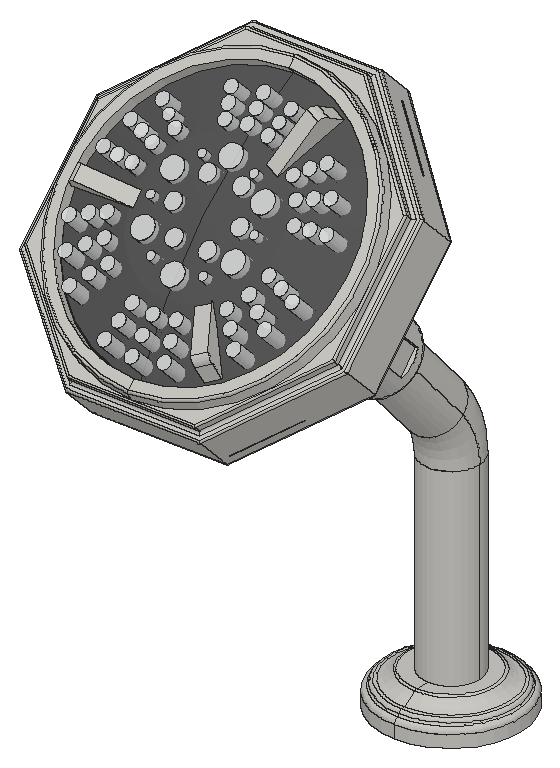
Revit family "Shower-Showerhead_Kit-KALLISTA-For_Town-P21542", category Plumbing Fixtures, host Face, Revit 2022 (continued)
Definition of nested family "P21542"
  Lines and regions (in)
    symbolic lines, detail levels medium+fine
      curve 332: spline (1.3872371, 0, 8.0110136) -> (1.3627818, 0, 8.008737) -> (1.339993, 0, 8.0020623) -> (1.3204239, 0, 7.9914444) -> (1.3054079, 0, 7.977607) -> (1.2959685, 0, 7.9614929) -> (1.2927489, 0, 7.9442003) -> (1.2959685, 0, 7.9269078) -> (1.3054079, 0, 7.9107937) -> (1.3204239, 0, 7.8969562) -> (1.339993, 0, 7.8863384) -> (1.3627818, 0, 7.8796637) -> (1.3872371, 0, 7.8773871)
      curve 333: spline (1.2399872, 0, 7.6307722) -> (1.2644425, 0, 7.6330488) -> (1.2872312, 0, 7.6397235) -> (1.3068004, 0, 7.6503414) -> (1.3218163, 0, 7.6641788) -> (1.3312557, 0, 7.6802929) -> (1.3344753, 0, 7.6975854) -> (1.3312557, 0, 7.714878) -> (1.3218163, 0, 7.7309921) -> (1.3068004, 0, 7.7448295) -> (1.2872312, 0, 7.7554474) -> (1.2644425, 0, 7.7621221) -> (1.2399872, 0, 7.7643987)
      curve 334: spline (1.2399872, 0, 7.7643987) -> (1.2155318, 0, 7.7621221) -> (1.1927431, 0, 7.7554474) -> (1.1731739, 0, 7.7448295) -> (1.158158, 0, 7.7309921) -> (1.1487186, 0, 7.714878) -> (1.145499, 0, 7.6975854) -> (1.1487186, 0, 7.6802929) -> (1.158158, 0, 7.6641788) -> (1.1731739, 0, 7.6503414) -> (1.1927431, 0, 7.6397235) -> (1.2155318, 0, 7.6330488) -> (1.2399872, 0, 7.6307722)
      curve 335: spline (1.6017146, 0, 7.8087193) -> (1.62617, 0, 7.8109959) -> (1.6489587, 0, 7.8176705) -> (1.6685279, 0, 7.8282884) -> (1.6835438, 0, 7.8421259) -> (1.6929832, 0, 7.85824) -> (1.6962028, 0, 7.8755325) -> (1.6929832, 0, 7.8928251) -> (1.6835438, 0, 7.9089391) -> (1.6685279, 0, 7.9227766) -> (1.6489587, 0, 7.9333945) -> (1.62617, 0, 7.9400691) -> (1.6017146, 0, 7.9423458)
      curve 336: spline (1.6017146, 0, 7.9423458) -> (1.5772593, 0, 7.9400691) -> (1.5544705, 0, 7.9333945) -> (1.5349014, 0, 7.9227766) -> (1.5198854, 0, 7.9089391) -> (1.510446, 0, 7.8928251) -> (1.5072264, 0, 7.8755325) -> (1.510446, 0, 7.85824) -> (1.5198854, 0, 7.8421259) -> (1.5349014, 0, 7.8282884) -> (1.5544705, 0, 7.8176705) -> (1.5772593, 0, 7.8109959) -> (1.6017146, 0, 7.8087193)
      curve 337: spline (1.4352908, 0, 7.5202993) -> (1.4597462, 0, 7.5225759) -> (1.4825349, 0, 7.5292506) -> (1.5021041, 0, 7.5398684) -> (1.51712, 0, 7.5537059) -> (1.5265594, 0, 7.56982) -> (1.529779, 0, 7.5871125) -> (1.5265594, 0, 7.6044051) -> (1.51712, 0, 7.6205192) -> (1.5021041, 0, 7.6343566) -> (1.4825349, 0, 7.6449745) -> (1.4597462, 0, 7.6516492) -> (1.4352908, 0, 7.6539258)
      curve 338: spline (1.4352908, 0, 7.6539258) -> (1.4108355, 0, 7.6516492) -> (1.3880467, 0, 7.6449745) -> (1.3684776, 0, 7.6343566) -> (1.3534617, 0, 7.6205192) -> (1.3440223, 0, 7.6044051) -> (1.3408027, 0, 7.5871125) -> (1.3440223, 0, 7.56982) -> (1.3534617, 0, 7.5537059) -> (1.3684776, 0, 7.5398684) -> (1.3880467, 0, 7.5292506) -> (1.4108355, 0, 7.5225759) -> (1.4352908, 0, 7.5202993)
      curve 339: spline (1.1822249, 0, 7.2809424) -> (1.2066802, 0, 7.283219) -> (1.2294689, 0, 7.2898937) -> (1.2490381, 0, 7.3005116) -> (1.264054, 0, 7.314349) -> (1.2734934, 0, 7.3304631) -> (1.276713, 0, 7.3477557) -> (1.2734934, 0, 7.3650482) -> (1.264054, 0, 7.3811623) -> (1.2490381, 0, 7.3949997) -> (1.2294689, 0, 7.4056176) -> (1.2066802, 0, 7.4122923) -> (1.1822249, 0, 7.4145689)
      curve 340: spline (1.1822249, 0, 7.4145689) -> (1.1577695, 0, 7.4122923) -> (1.1349808, 0, 7.4056176) -> (1.1154116, 0, 7.3949997) -> (1.1003957, 0, 7.3811623) -> (1.0909563, 0, 7.3650482) -> (1.0877367, 0, 7.3477557) -> (1.0909563, 0, 7.3304631) -> (1.1003957, 0, 7.314349) -> (1.1154116, 0, 7.3005116) -> (1.1349808, 0, 7.2898937) -> (1.1577695, 0, 7.283219) -> (1.1822249, 0, 7.2809424)
      curve 341: spline (0.010034, 0, 9.1557255) -> (0.0347692, 0, 9.1580555) -> (0.0577793, 0, 9.1648829) -> (0.0774594, 0, 9.1757315) -> (0.0924368, 0, 9.1898448) -> (0.101667, 0, 9.2062383) -> (0.1045061, 0, 9.2237687) -> (0.1007562, 0, 9.2412134) -> (0.0906789, 0, 9.2573555) -> (0.0749768, 0, 9.2710693) -> (0.0547453, 0, 9.2813984) -> (0.0313954, 0, 9.2876222) -> (0.0065556, 0, 9.2893067)
      curve 342: spline (0.010034, 0, 9.289352) -> (-0.0144214, 0, 9.2870754) -> (-0.0372101, 0, 9.2804007) -> (-0.0567793, 0, 9.2697828) -> (-0.0717952, 0, 9.2559453) -> (-0.0812346, 0, 9.2398313) -> (-0.0844542, 0, 9.2225387) -> (-0.0812346, 0, 9.2052462) -> (-0.0717952, 0, 9.1891321) -> (-0.0567793, 0, 9.1752946) -> (-0.0372101, 0, 9.1646768) -> (-0.0144214, 0, 9.1580021) -> (0.010034, 0, 9.1557255)
      curve 343: spline (-0.3559674, 0, 9.1154748) -> (-0.331512, 0, 9.1177514) -> (-0.3087233, 0, 9.1244261) -> (-0.2891541, 0, 9.135044) -> (-0.2741382, 0, 9.1488815) -> (-0.2646988, 0, 9.1649955) -> (-0.2614792, 0, 9.1822881) -> (-0.2646988, 0, 9.1995806) -> (-0.2741382, 0, 9.2156947) -> (-0.2891541, 0, 9.2295322) -> (-0.3087233, 0, 9.24015) -> (-0.331512, 0, 9.2468247) -> (-0.3559674, 0, 9.2491013)
      curve 344: spline (-0.3559674, 0, 9.2491013) -> (-0.3804227, 0, 9.2468247) -> (-0.4032114, 0, 9.24015) -> (-0.4227806, 0, 9.2295322) -> (-0.4377965, 0, 9.2156947) -> (-0.4472359, 0, 9.1995806) -> (-0.4504555, 0, 9.1822881) -> (-0.4472359, 0, 9.1649955) -> (-0.4377965, 0, 9.1488815) -> (-0.4227806, 0, 9.135044) -> (-0.4032114, 0, 9.1244261) -> (-0.3804227, 0, 9.1177514) -> (-0.3559674, 0, 9.1154748)
      curve 345: spline (0, 0, 6.3948059) -> (0.5995987, 0, 6.4542058) -> (1.1530274, 0, 6.6278317) -> (1.6176714, 0, 6.9023141) -> (1.9577524, 0, 7.2565176) -> (2.1470837, 0, 7.6631679) -> (2.1710865, 0, 8.0909523) -> (2.0279127, 0, 8.506931) -> (1.7285867, 0, 8.8790729) -> (1.2961571, 0, 9.1787226) -> (0.7639215, 0, 9.3828067) -> (0.172863, 0, 9.4756103) -> (-0.4315063, 0, 9.4499875)
      curve 346: spline (0, 0, 9.4804599) -> (-0.5647139, 0, 9.4278894) -> (-1.0909435, 0, 9.2737603) -> (-1.542827, 0, 9.0285764) -> (-1.8895695, 0, 8.7090464) -> (-2.1075409, 0, 8.3369459) -> (-2.1818869, 0, 7.9376329) -> (-2.1075409, 0, 7.5383199) -> (-1.8895695, 0, 7.1662194) -> (-1.542827, 0, 6.8466894) -> (-1.0909435, 0, 6.6015055) -> (-0.5647139, 0, 6.4473764) -> (0, 0, 6.3948059)
      curve 347: line (-1.0088583, 0, 6.3824793) -> (0.9994186, 0, 6.3824793)
      curve 348: line (-2.2327075, 0, 8.6069981) -> (-2.2327075, 0, 7.2752928)
      curve 349: line (2.1803833, 0, 8.6548248) -> (2.1803833, 0, 6.9331721)
      curve 350: line (0.9994186, 0, 6.3824793) -> (2.1803833, 0, 6.9331721)
      curve 351: line (-0.9493377, 0, 6.14262) -> (0.969642, 0, 6.14262)
      curve 352: line (2.2221783, 0, 6.7963988) -> (2.2221783, 0, 8.6255596)
      curve 353: line (-0.9493377, 0, 6.14262) -> (-2.355549, 0, 6.9517935)
      curve 354: line (-2.2327075, 0, 7.2752928) -> (-1.0088583, 0, 6.3824793)
      curve 355: arc (-1.7452949, 0, 8.9516509) -> (-2.0998368, 0, 8.4924035) -> (-2.2327075, 0, 7.9276438) r 1.3711037
      curve 356: arc (-1.1473232, 0, 9.3489932) -> (-0.7958198, 0, 9.4720873) -> (-0.4335307, 0, 9.5584206) r 3.6205985
      curve 357: arc (0.4335307, 0, 9.5584206) -> (0.7752621, 0, 9.4800951) -> (1.1053752, 0, 9.3620249) r 2.9683894
      curve 358: arc (1.7043093, 0, 8.9881754) -> (1.9999051, 0, 8.6625549) -> (2.1803833, 0, 8.2615148) r 1.4053258
      curve 359: line (0.969642, 0, 6.14262) -> (0.969642, 0, 5.7168892)
      curve 360: line (0.969642, 0, 6.14262) -> (2.2221783, 0, 6.7963988)
      curve 361: line (-0.9493377, 0, 5.7169532) -> (-0.9493377, 0, 6.14262)
      curve 362: line (1.027001, 0, 6.3519011) -> (-1.0337444, 0, 6.3519011)
      curve 363: line (-1.0337444, 0, 6.3519011) -> (-2.2720776, 0, 7.2552808)
      curve 364: line (1.027001, 0, 6.3519011) -> (1.0160571, 0, 6.3467979)
      curve 365: line (-2.2720776, 0, 7.2552808) -> (-2.2720776, 0, 8.5791592)
      curve 366: line (2.2068643, 0, 6.9020804) -> (2.2068643, 0, 8.6362826)
      curve 367: line (1.027001, 0, 6.3519011) -> (2.2036811, 0, 6.900596)
      curve 368: arc (-0.4660729, 0, 5.7169532) -> (0.0003606, 0, 5.5965959) -> (0.4667941, 0, 5.7169532) r 0.9639887
      curve 369: arc (-0.5000728, 0, 5.4762546) -> (0, 0, 5.3467956) -> (0.5000728, 0, 5.4762546) r 1.0305675
      curve 370: arc (-0.5000728, 0, 5.2935169) -> (0, 0, 5.1045488) -> (0.5000728, 0, 5.2935169) r 0.756164
      curve 371: arc (-0.4096379, 0, 4.8122757) -> (0.0158306, 0, 4.7396324) -> (0.4363783, 0, 4.8367923) r 1.0966955
      curve 372: spline (0, 0, 6.5401878) -> (-0.3520239, 0, 6.5618296) -> (-0.6934835, 0, 6.6261056) -> (-1.0141319, 0, 6.731087) -> (-1.3043464, 0, 6.8736231) -> (-1.5554176, 0, 7.0494366) -> (-1.7598111, 0, 7.2532512) -> (-1.911393, 0, 7.4789507) -> (-2.0056143, 0, 7.7197617) -> (-2.0396475, 0, 7.9684575) -> (-2.0124713, 0, 8.2175749) -> (-1.9249011, 0, 8.459638) -> (-1.7795651, 0, 8.6873823)
      curve 373: spline (0, 0, 6.5401878) -> (0.3520239, 0, 6.5618296) -> (0.6934835, 0, 6.6261056) -> (1.0141319, 0, 6.731087) -> (1.3043464, 0, 6.8736231) -> (1.5554176, 0, 7.0494366) -> (1.7598111, 0, 7.2532512) -> (1.911393, 0, 7.4789507) -> (2.0056143, 0, 7.7197617) -> (2.0396475, 0, 7.9684575) -> (2.0124713, 0, 8.2175749) -> (1.9249011, 0, 8.459638) -> (1.7795651, 0, 8.6873823)
      curve 374: line (0, -0.9474694, 5.3337447) -> (0, -1.5219708, 4.7592433)
      curve 375: arc (0, -1.8943201, 5.4154467) -> (0, -1.8652855, 5.6648006) -> (0, -1.6159316, 5.6938352) r 0.2022616
      curve 376: line (0, -1.2251852, 5.3030888) -> (0, -1.6159316, 5.6938352)
      curve 377: line (0, -1.8943201, 5.4154467) -> (0, -1.5035737, 5.0247003)
      curve 378: line (0, -1.5035737, 5.0247003) -> (0, -1.2251852, 5.3030888)
      curve 379: line (0, -2.5670384, 5.3561089) -> (0, -1.5610019, 6.3621455)
      curve 380: line (0, -1.6159316, 5.6938352) -> (0, -1.3759188, 5.933848)
      curve 381: line (0, -1.8943201, 5.4154467) -> (0, -2.1397551, 5.1700117)
      curve 382: line (0, -1.7773632, 6.5974839) -> (0, -2.78571, 5.5891371)
      curve 383: line (0, -1.8093515, 6.6294722) -> (0, -2.8176984, 5.6211254)
      curve 384: line (0, -2.8755415, 8.1486868) -> (0, -3.3269611, 8.6001065)
      curve 385: line (0, -4.3476661, 6.6765622) -> (0, -3.0012765, 8.0229518)
      curve 386: line (0, -5.7262387, 6.200829) -> (0, -2.3890337, 9.5380339)
      curve 387: line (0, -4.7990858, 7.1279818) -> (0, -4.3476661, 6.6765622)
      curve 388: spline (0, -2.6847809, 7.068728) -> (0, -2.7237663, 7.1507813) -> (0, -2.7588701, 7.2312397) -> (0, -2.7900162, 7.3099288) -> (0, -2.8171371, 7.3866782) -> (0, -2.840174, 7.4613216) -> (0, -2.8590772, 7.5336972) -> (0, -2.8738055, 7.6036483) -> (0, -2.8843271, 7.6710234) -> (0, -2.8906193, 7.7356763) -> (0, -2.8926683, 7.7974672) -> (0, -2.8904698, 7.8562621) -> (0, -2.8840285, 7.9119336)
      curve 389: spline (0, -2.1385893, 6.3002345) -> (0, -2.1962341, 6.3634873) -> (0, -2.2521569, 6.4274938) -> (0, -2.3061991, 6.4920726) -> (0, -2.3582077, 6.5570408) -> (0, -2.4080354, 6.6222143) -> (0, -2.4555409, 6.6874085) -> (0, -2.5005898, 6.7524387) -> (0, -2.5430544, 6.8171207) -> (0, -2.5828144, 6.8812713) -> (0, -2.6197573, 6.9447088) -> (0, -2.6537782, 7.0072534) -> (0, -2.6847809, 7.068728)
      curve 390: spline (0, -3.3469873, 6.4319974) -> (0, -3.2838663, 6.4018589) -> (0, -3.2195726, 6.3684871) -> (0, -3.1542989, 6.3319818) -> (0, -3.0882409, 6.2924526) -> (0, -3.0215966, 6.2500179) -> (0, -2.9545658, 6.204805) -> (0, -2.8873493, 6.1569493) -> (0, -2.8201488, 6.1065943) -> (0, -2.7531655, 6.053891) -> (0, -2.6866004, 5.9989973) -> (0, -2.6206529, 5.9420778) -> (0, -2.5555207, 5.8833031)
      curve 391: spline (0, -4.187658, 6.6083041) -> (0, -4.1326812, 6.6151235) -> (0, -4.0745146, 6.6179901) -> (0, -4.0132794, 6.6168979) -> (0, -3.949103, 6.6118493) -> (0, -3.8821189, 6.6028546) -> (0, -3.8124665, 6.5899326) -> (0, -3.7402909, 6.5731102) -> (0, -3.6657423, 6.5524224) -> (0, -3.5889757, 6.5279123) -> (0, -3.510151, 6.4996309) -> (0, -3.4294322, 6.4676371) -> (0, -3.3469873, 6.4319974)
      curve 392: line (0, -3.0012765, 8.0229518) -> (0, -1.9364337, 9.0877946)
      curve 393: line (0, -4.3476661, 6.6765622) -> (0, -5.3094869, 5.784022)
      curve 394: line (0, -5.1408819, 5.768428) -> (0, -1.9560838, 8.9532262)
      curve 395: line (0, 0.9273017, 0.2798466) -> (0, -0.9273017, 0.2798466)
      curve 396: line (0, 0.8854381, 0.3251746) -> (0, -0.8854381, 0.3251746)
      curve 397: line (0, 0.4097407, 0.4702824) -> (0, -0.4084188, 0.4702824)
      curve 398: line (0, 0.6436121, 0.4593526) -> (0, -0.6436121, 0.4593526)
      curve 399: line (0, 0.9715591, 0.2471649) -> (0, -0.9715591, 0.2471649)
      curve 400: line (0, -2.5265511, 9.5016089) -> (0, -5.689835, 6.3383249)
      curve 401: line (0, -2.6655158, 9.5131554) -> (0, -5.7488578, 6.4298134)
      curve 402: line (0, -5.5008436, 6.9043769) -> (0, -2.9953471, 9.4098733)
      curve 403: line (0, -3.4935039, 8.534656) -> (0, -3.5687595, 8.6099117)
      curve 404: line (0, -4.7104377, 7.3177222) -> (0, -4.7856933, 7.3929779)
      curve 405: arc (0, -3.092603, 9.3126174) -> (0, -3.4873208, 9.0547715) -> (0, -3.8613354, 8.767718) r 6.2089585
      curve 406: arc (0, -5.5008436, 6.9043769) -> (0, -5.2429977, 7.2990947) -> (0, -4.9559441, 7.6731093) r 6.2089585
      curve 407: line (0, -1.9350085, 8.8609536) -> (0, -2.8840285, 7.9119336)
      curve 408: line (0, -2.8840285, 7.9119336) -> (0, -5.0491797, 5.7467824)
      curve 409: line (0, -4.1851159, 6.6108461) -> (0, -4.2984639, 6.6108461)
      curve 410: line (0, -2.8840285, 7.9119336) -> (0, -2.8532706, 8.0560394)
      curve 411: line (0, -2.8532706, 8.0560394) -> (0, -2.9107297, 8.1134985)
      curve 412: line (0, -4.2996297, 6.6096803) -> (0, -4.3574409, 6.6674915)
      curve 413: arc (0, -1.2251852, 5.3030888) -> (0, -1.3455651, 5.1450802) -> (0, -1.5035737, 5.0247003) r 0.7414818
      curve 414: line (0, -0.8980723, 5.4560014) -> (0, -1.6621446, 4.6919291)
      curve 415: line (0, -1.6566759, 6.0015273) -> (0, -2.2076704, 5.4505327)
      curve 416: line (0, -1.7460037, 6.0728956) -> (0, -2.2790388, 5.5398605)
      curve 417: arc (0, -4.1780885, 8.2271319) -> (0, -4.3081488, 8.2239792) -> (0, -4.4297819, 8.2701421) r 0.3383059
      curve 418: arc (0, -4.586166, 8.113758) -> (0, -4.537744, 8.0090393) -> (0, -4.5075255, 7.897695) r 0.6871177
  Dimensions and locks (in)
    aligned and locked: level to plane 2
Types (3): name | Type | Product Page URL | Model | Finish
  (no name) | 1 | "https://www.kallista.com/products/luxury-bathroom/showering/handshowers/traditional-multi-function-handshower-with-hose-p21650-00/ad-nickel-silver" | "P21542-00-AD" | Kallista-Metal-AD-Nickel_Silver
  AD-Nickel Silver | 1 | "https://www.kallista.com/products/luxury-bathroom/showering/handshowers/traditional-multi-function-handshower-with-hose-p21650-00/ad-nickel-silver" | "P21542-00-AD" | Kallista-Metal-AD-Nickel_Silver
  CP-Chrome | 2 | "https://www.kallista.com/products/luxury-bathroom/showering/showerheads/for-town-multifunction-showerhead-with-arm-p21542-00/cp-polished-chrome" | "P21542-00-CP" | Kallista-Metal-CP-Chrome
